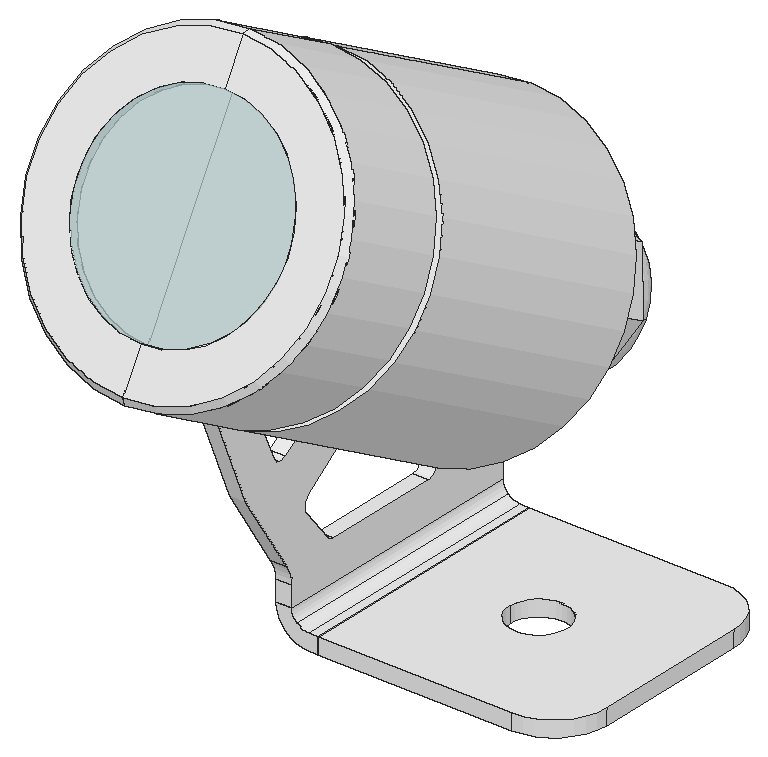
Revit family "Spot 1.0", category Lighting Fixtures, Revit 2017
Family settings
  Round Connector Dimension = Use Diameter
  Part Type = Normal
  OmniClass Number = 23.80.70.00
  OmniClass Title = Lighting
  Work Plane-Based = No
  Always vertical = No
  Cut with Voids When Loaded = No
  Light Source = No
  Shared = No
  Room Calculation Point = No
Parameters (values of type "Spot 1.0 L 40° (3000K 1x500mA)")
  X1 = 100 mm
  Wiring = "series"
  Width mm = 30 mm
  Weight kg = "0.40 kg"
  Vertical rotation max = 220.00°
  Vertical Rotation max_1 [instance] = 100.00°
  Vertical Rotation Adjusted [instance] = if(Vertical Rotation 2 < Vertical Rotation min, Vertical Rotation min, if(Vertical Rotation 2 > Vertical Rotation max_1, Vertical Rotation max_1, Vertical Rotation 2))  # -60.00°
  Vertical Rotation 2 [instance] = Vertical Rotation - 90.00°  # -60.00°
  Vertical Rotation min [instance] = -120.00°
  URL Accessories and power supply units = "https://www.lucelight.it/en/prodotto.php/1273#a-scheda-accessori"
  URL = "https://www.lucelight.it/en/prodotto.php/1273"
  URL Technical sheet = "https://www.lucelight.it/media/prodotti/st/ST_SPOT_10.pdf"
  URL Image = "https://www.lucelight.it/media/prodotti/foto/spot_1.0_still.jpg"
  URL IES Photometric file = "https://www.lucelight.it/media/prodotti/fotometrie/spot_1.0_ies.zip"
  URL General code = "https://www.lucelight.it/en/prodotto.php/1273#a-generacodice"
  URL Description = "https://www.lucelight.it/en/capitolato.php/1273"
  URL DXF = "https://www.lucelight.it/media/prodotti/dxf/spot_1.0.dxf"
  URL Catalogue = "https://www.lucelight.it/media/prodotti/brochure/spot_brochure_en.pdf"
  Power supply unit = "not included\r\nnot included\r\nnot included"
  Power supply = "max 500mA"
  Power cables = "includes 1,5 m neoprene cable, H05RN-F 2x0,35/0,75 Ø6,3 mm"
  Power = "2W"
  Optics = "40°"
  No. and type of led = "1 power LED, 1/4 ANSI BIN, 50 000h L90 B10 (Ta 25°C)"
  Model = "Spot 1.0"
  Manufacturer = "L&L Luce&Light"
  Light Source = Light Source : L 40°
  Geometry = Spot 1.0_mod : Spot 1.0_mod
  Notes = "version with elliptical optics available on request"
  Mounting = "surface mounted (ceiling, wall, ground, spike, fastener strap)"
  Material = "body and trim in AISI 316L stainless steel, screen in transparent, tempered glass"
  Lumen output at source = "145 lm (3000K, 500mA)"
  Description = "projector for outdoor applications (not suitable for use in swimming pools or fountains)"
  Body = L&L_Steel inox AISI 316L
  Base = L&L_Steel inox AISI 316L
  Lens = L&L_Tempered extra-clear glass
  Length mm = 57 mm
  LED Colour = "3000K (also available: 2700, 4000K, 5000K, Blue - ref. URL Technical sheet)"
  IP = "IP68"
  Height mm = 54.8 mm
  H1 = 40 mm
  Vertical Rotation [instance] = 30.00°
  Features = "-"
  Energy efficiency class = "A A+ A++"
  Delivered lumen output = "88 lm (3000K, 500mA, 20°)"
  Cutout dimensions = "-"
  Control system = "-"
  Contact = "T: +39 0444 360571; E: lucelight@lucelight.it"
  Company = "L&L Luce&Light"
  Code = "-"
  CRI = "≥80"
  Base bracket = Spot 1.0_Base braket : Spot 1.0_Base braket
  Bracket = L&L_Steel inox AISI 316L
  Apparent Load Phase 1 = 2 W
Types (5, lengths in mm): name | Optics | Light Source
  Spot 1.0 V 19° (3000K 1x500mA) | "19°" | Light Source : V 19°
  Spot 1.0 T 54° (3000K 1x500mA) | "54°" | Light Source : T 54°
  Spot 1.0 S 10° (3000K 1x500mA) | "10°" | Light Source : S 10°
  Spot 1.0 M 20° (3000K 1x500mA) | "20°" | Light Source : M 20°
  Spot 1.0 L 40° (3000K 1x500mA) | "40°" | Light Source : L 40°
Reference planes
  plane 1 "Light Source Axis (F/B)": y = 0
  plane 2: z = 0
  plane 3 "Light Source Axis (L/R)": x = 0
  plane 4 "Light Source Elevation": z = 40
  plane 5: y = 100
  plane 6: z = 40
  plane 7: z = 46
Lines and regions (mm)
  reference lines
    curve 1: line (0, 100, 40) -> (0, 151.962, 10)
Dimensions and locks
  "X1": plane 1 "Light Source Axis (F/B)" to plane 5
  "H1": level to plane 4 "Light Source Elevation"
  "Vertical Rotation Adjusted": angle plane 1 "Light Source Axis (F/B)" to curve 1
  aligned and locked: level to plane 2
  aligned and locked: plane 5 to curve 1
  aligned and locked: plane 4 "Light Source Elevation" to curve 1
  aligned and locked: nested 3 to nested 2
Nested families
  nested 1: "Spot 1.0_Base braket" at (17, 187.658, 0), type <- "Base bracket", type "Spot 1.0_Base braket"
  nested 2: "Spot 1.0_mod" at (0, 108.66, 35) x (1, 0, 0) z (0, -0.866, 0.5), type <- "Geometry", type "Spot 1.0_mod"
  nested 3: "Light Source" at (0.053, 74.279, 54.85) x (0, 0.5, 0.866) z (0, -0.866, 0.5), type <- "Light Source", type "L 40°"
Connectors
  electrical at (0, 100, 0), driven by "Apparent Load Phase 1"
    settings: index 1, voltage 500 V, apparent load 0 VA, apparent load phase1 2 VA, apparent load phase2 0 VA, apparent load phase3 0 VA, power factor 1, load classification "Lighting", number of poles 1, system type 31, power factor state 1, is connector primary yes, connector utility no, sub classification motor no, connector description ""
Definition of nested family "Spot 1.0_Base braket"
  Parameters (values of type "Spot 1.0_Base braket")
    Width = 377.724 mm
    Length = 65.5 mm
    Base Braket = none
  Reference planes
    plane 1 "Light Source Axis (F/B)": y = 0
    plane 2: z = 0
    plane 3 "Light Source Axis (L/R)": x = 0
    plane 4 "Light Source Elevation": z = 72
    plane 5: x = -32.75
    plane 6: x = 32.75
    plane 7: z = 4
    plane 8: z = 3.1
  Forms (mm)
    Extrusion 1, solid, material <- "Base Braket", detail levels coarse
      sketch origin (0, 0, 0) x (0, 1, 0) y (0, 0, 1)
        loop
          line (-99.914, 45.945) -> (-82.658, 0) -> (-57.658, 0) -> (-82.41, 45.945) -> (-99.914, 45.945)
      from -32.75 to -5.35
    Extrusion 2, solid, material <- "Base Braket", detail levels fine
      sketch origin (0, 0, 0) x (1, 0, 0) y (0, 1, 0)
        loop
          line (-10.35, -57.658) -> (-28.75, -57.658) -> (-28.75, -82.658) -> (-10.35, -82.658)
          arc (-10.35, -82.658) -> (-6.814, -81.194) -> (-5.35, -77.658) r 5
          line (-5.35, -77.658) -> (-5.35, -62.658)
          arc (-5.35, -62.658) -> (-6.814, -59.122) -> (-10.35, -57.658) r 5
        loop
          circle (-17.85, -70.158) r 2.75
      from 0 to 1.5
    Extrusion 3, solid, material <- "Base Braket", detail levels medium
      sketch origin (0, 0, 0) x (1, 0, 0) y (0, 1, 0)
        loop
          line (-5.35, -57.658) -> (-28.75, -57.658) -> (-28.75, -82.658) -> (-5.35, -82.658) -> (-5.35, -57.658)
      from 0 to 1.5
    Extrusion 4, solid, material <- "Base Braket", detail levels fine
      sketch origin (0, -0.022, -25.236) x (0, 1, 0) y (0, 0, -1)
        loop
          circle (-87.658, -65) r 5
      from 29.75 to 33.75
    Revolve 5, solid, material <- "Base Braket", detail levels fine
      sketch origin (63.839, -0.022, 39.76) x (0, 1, 0) y (-1, 0, 0)
        loop
          line (-92.408, 97.589) -> (-87.658, 97.589) -> (-87.658, 100.635) -> (-89.908, 100.635)
          arc (-89.908, 100.635) -> (-91.345, 99.717) -> (-92.408, 98.385) r 5.2
          line (-92.408, 98.385) -> (-92.408, 97.589)
        axis (-87.658, 97.589) -> (-87.658, 100.635)
      angle from 0 to 360
    Extrusion 6, solid, material <- "Base Braket", detail levels medium+fine
      sketch origin (97.85, 253.6, 0) x (-1, 0, 0) y (0, 0, -1)
        loop
          line (129.1, -3.1) -> (130.6, -3.1)
          arc (130.6, -3.1) -> (130.364, -1.914) -> (129.692, -0.908) r 3.1
          arc (129.692, -0.908) -> (128.686, -0.236) -> (127.5, 0) r 3.1
          line (127.5, 0) -> (126.6, 0) -> (126.6, -1.5) -> (127.5, -1.5)
          arc (127.5, -1.5) -> (128.112, -1.622) -> (128.631, -1.969) r 1.6
          arc (128.631, -1.969) -> (128.978, -2.488) -> (129.1, -3.1) r 1.6
      from 311.258 to 336.258
    Extrusion 7, solid, material <- "Base Braket", detail levels fine
      sketch origin (0, 0, 0) x (0, 1, 0) y (0, 0, -1)
        loop
          line (-82.658, -3.1) -> (-82.658, -5)
          arc (-82.658, -5) -> (-82.819, -5.97) -> (-83.285, -6.835) r 3
          arc (-83.285, -6.835) -> (-91.551, -22.814) -> (-93.627, -40.685) r 50
          arc (-93.627, -40.685) -> (-89.187, -45.726) -> (-82.706, -43.963) r 6.351
          arc (-82.706, -43.963) -> (-72.943, -24.093) -> (-58.626, -7.207) r 90
          arc (-58.626, -7.207) -> (-57.911, -6.205) -> (-57.658, -5) r 3
          line (-57.658, -5) -> (-57.658, -3.1) -> (-82.658, -3.1)
        loop
          line (-86.167, -22.108) -> (-79.591, -25.453)
          arc (-79.591, -25.453) -> (-78.861, -25.523) -> (-78.28, -25.076) r 1
          arc (-78.28, -25.076) -> (-77.307, -23.489) -> (-76.303, -21.921) r 94
          arc (-76.303, -21.921) -> (-76.163, -21.158) -> (-76.61, -20.525) r 1
          line (-76.61, -20.525) -> (-83.378, -16.301)
          arc (-83.378, -16.301) -> (-84.177, -16.187) -> (-84.8, -16.699) r 1
          arc (-84.8, -16.699) -> (-85.775, -18.755) -> (-86.646, -20.856) r 46
          arc (-86.646, -20.856) -> (-86.647, -21.574) -> (-86.167, -22.108) r 1
        loop
          line (-80.762, -11.832) -> (-73.924, -16.793)
          arc (-73.924, -16.793) -> (-73.191, -16.973) -> (-72.54, -16.589) r 1
          arc (-72.54, -16.589) -> (-69.22, -12.46) -> (-65.673, -8.526) r 94
          arc (-65.673, -8.526) -> (-65.477, -7.442) -> (-66.396, -6.835) r 1
          line (-66.396, -6.835) -> (-77.638, -6.835)
          arc (-77.638, -6.835) -> (-78.051, -6.925) -> (-78.391, -7.178) r 1
          arc (-78.391, -7.178) -> (-79.725, -8.777) -> (-80.984, -10.436) r 46
          arc (-80.984, -10.436) -> (-81.162, -11.18) -> (-80.762, -11.832) r 1
      from 31.25 to 32.75
    Extrusion 8, solid, material <- "Base Braket", detail levels medium
      sketch origin (0, 0, 0) x (0, 1, 0) y (0, 0, -1)
        loop
          line (-82.658, -3.1) -> (-82.658, -5)
          arc (-82.658, -5) -> (-82.819, -5.97) -> (-83.285, -6.835) r 3
          arc (-83.285, -6.835) -> (-91.551, -22.814) -> (-93.627, -40.685) r 50
          arc (-93.627, -40.685) -> (-89.187, -45.726) -> (-82.706, -43.963) r 6.351
          arc (-82.706, -43.963) -> (-72.943, -24.093) -> (-58.626, -7.207) r 90
          arc (-58.626, -7.207) -> (-57.911, -6.205) -> (-57.658, -5) r 3
          line (-57.658, -5) -> (-57.658, -3.1) -> (-82.658, -3.1)
      from 31.25 to 32.75
  Dimensions and locks
    equal spacing: plane 5, plane 3 "Light Source Axis (L/R)", plane 6
    "Length": plane 5 to plane 6
    level to plane 4 "Light Source Elevation" = 72 mm
    aligned and locked: level to plane 2
    aligned and locked: Extrusion 1 to plane 5
  Automatic sketch dimensions
    plane 4 "Light Source Elevation" to Extrusion 4 sketch curve = 32.236 mm
    plane 1 "Light Source Axis (F/B)" to Extrusion 4 sketch curve = 87.68 mm
    Revolve 5 sketch curve to plane 5 = 1.796 mm
    plane 1 "Light Source Axis (F/B)" to Revolve 5 sketch curve = 92.43 mm
    Revolve 5 sketch curve to Revolve 5 sketch curve = 2.5 mm
    plane 5 to Revolve 5 sketch curve = 0.737 mm
    Revolve 5 sketch curve to Revolve 5 sketch curve = 4.542 mm
    Revolve 5 sketch curve to Revolve 5 sketch curve = 0.208 mm  (x2)
    Revolve 5 sketch curve to plane 5 = 1 mm
    Revolve 5 sketch curve to Revolve 5 sketch curve = 1.11 mm
    Revolve 5 sketch curve to Revolve 5 sketch curve = 0.951 mm
    Extrusion 6 sketch curve to plane 8 = 0 mm  (x2)
    plane 8 to Extrusion 6 sketch curve = 1.131 mm
    Extrusion 6 sketch curve to Extrusion 6 sketch curve = 0.469 mm
    Extrusion 6 sketch curve to plane 5 = 0 mm
    level to Extrusion 6 sketch curve = 0.908 mm
    Extrusion 6 sketch curve to Extrusion 6 sketch curve = 0 mm  (x4)
    Extrusion 6 sketch curve to Extrusion 6 sketch curve = 0.9 mm
    Extrusion 6 sketch curve to level = 0 mm
    plane 5 to Extrusion 2 sketch curve = 4 mm
    plane 5 to Extrusion 2 sketch curve = 14.9 mm
    Extrusion 2 sketch curve to plane 3 "Light Source Axis (L/R)" = 10.35 mm
    Extrusion 2 sketch curve to Extrusion 2 sketch curve = 5 mm  (x2)
    plane 1 "Light Source Axis (F/B)" to Extrusion 2 sketch curve = 82.658 mm
    Extrusion 2 sketch curve to Extrusion 2 sketch curve = 7.5 mm  (x2)
    plane 5 to Extrusion 3 sketch curve = 4 mm
    Extrusion 3 sketch curve to plane 6 = 38.1 mm
    plane 1 "Light Source Axis (F/B)" to Extrusion 3 sketch curve = 82.658 mm
    Extrusion 3 sketch curve to Extrusion 3 sketch curve = 25 mm
    Extrusion 7 sketch curve to Extrusion 7 sketch curve = 0 mm  (x20)
    plane 8 to Extrusion 7 sketch curve = 0 mm
    plane 7 to Extrusion 7 sketch curve = 18.108 mm
    Extrusion 7 sketch curve to Extrusion 7 sketch curve = 1.195 mm
    Extrusion 7 sketch curve to Extrusion 7 sketch curve = 0.453 mm  (x2)
    plane 7 to Extrusion 7 sketch curve = 1 mm  (x2)
    Extrusion 7 sketch curve to Extrusion 7 sketch curve = 0.055 mm
    Extrusion 7 sketch curve to Extrusion 7 sketch curve = 1.806 mm
    plane 7 to Extrusion 7 sketch curve = 12.301 mm
    Extrusion 7 sketch curve to Extrusion 7 sketch curve = 0.529 mm  (x2)
    Extrusion 7 sketch curve to Extrusion 7 sketch curve = 3 mm  (x2)
    plane 7 to Extrusion 7 sketch curve = 7.832 mm
    Extrusion 7 sketch curve to Extrusion 7 sketch curve = 2.616 mm
    Extrusion 7 sketch curve to Extrusion 7 sketch curve = 0.587 mm  (x2)
    Extrusion 7 sketch curve to Extrusion 7 sketch curve = 6.575 mm
    Extrusion 7 sketch curve to Extrusion 7 sketch curve = 2.537 mm
    Extrusion 7 sketch curve to Extrusion 7 sketch curve = 1.999 mm
    plane 7 to Extrusion 7 sketch curve = 16.525 mm
    plane 7 to Extrusion 7 sketch curve = 12.793 mm
    Extrusion 7 sketch curve to Extrusion 7 sketch curve = 2.686 mm
    plane 7 to Extrusion 7 sketch curve = 3.835 mm  (x2)
    Extrusion 7 sketch curve to Extrusion 7 sketch curve = 6.941 mm
    Extrusion 7 sketch curve to Extrusion 7 sketch curve = 5.738 mm
    Extrusion 7 sketch curve to Extrusion 7 sketch curve = 13.925 mm
    Extrusion 7 sketch curve to plane 4 "Light Source Elevation" = 1.413 mm
    Extrusion 7 sketch curve to plane 1 "Light Source Axis (F/B)" = 2.34 mm
    Extrusion 7 sketch curve to Extrusion 7 sketch curve = 0.891 mm  (x2)
    Extrusion 7 sketch curve to Extrusion 7 sketch curve = 0.848 mm  (x2)
    Extrusion 7 sketch curve to Extrusion 7 sketch curve = 0.809 mm  (x2)
    Extrusion 7 sketch curve to Extrusion 7 sketch curve = 1 mm
    Extrusion 7 sketch curve to Extrusion 7 sketch curve = 30.217 mm
    Extrusion 7 sketch curve to Extrusion 7 sketch curve = 4.08 mm
    Extrusion 7 sketch curve to Extrusion 7 sketch curve = 4.656 mm
    plane 7 to Extrusion 7 sketch curve = 33.424 mm
    Extrusion 7 sketch curve to Extrusion 7 sketch curve = 14.19 mm
    plane 8 to Extrusion 8 sketch curve = 0 mm
    plane 4 "Light Source Elevation" to Extrusion 8 sketch curve = 32.357 mm
    plane 1 "Light Source Axis (F/B)" to Extrusion 8 sketch curve = 87.362 mm
    plane 7 to Extrusion 8 sketch curve = 1 mm  (x2)
    Extrusion 8 sketch curve to Extrusion 8 sketch curve = 3 mm  (x2)
    Extrusion 8 sketch curve to Extrusion 8 sketch curve = 13.925 mm
    Extrusion 8 sketch curve to Extrusion 8 sketch curve = 6.265 mm
    Extrusion 8 sketch curve to Extrusion 8 sketch curve = 0 mm
    Extrusion 8 sketch curve to Extrusion 8 sketch curve = 4.656 mm
    Extrusion 8 sketch curve to Extrusion 8 sketch curve = 1.704 mm
    Extrusion 8 sketch curve to Extrusion 8 sketch curve = 22 mm
    Extrusion 8 sketch curve to plane 1 "Light Source Axis (F/B)" = 2.34 mm
    Extrusion 8 sketch curve to plane 4 "Light Source Elevation" = 1.413 mm
    Extrusion 8 sketch curve to Extrusion 8 sketch curve = 30.217 mm
    Extrusion 1 sketch curve to level = 0 mm
    plane 4 "Light Source Elevation" to Extrusion 1 sketch curve = 26.055 mm
    plane 1 "Light Source Axis (F/B)" to Extrusion 1 sketch curve = 99.914 mm
    Extrusion 1 sketch curve to Extrusion 1 sketch curve = 17.256 mm
    Extrusion 1 sketch curve to Extrusion 1 sketch curve = 17.504 mm
    Extrusion 1 sketch curve to Extrusion 1 sketch curve = 25 mm
    radius of Extrusion 4 sketch curve = 5 mm
    radius of Extrusion 2 sketch curve = 2.75 mm
Definition of nested family "Spot 1.0_mod"
  Parameters (values of type "Spot 1.0_mod")
    Power Supply = none
    Lens = none
    Default Elevation = 1219.2 mm
    Body = none
  Reference planes
    plane 1 "Light Source Axis (F/B)": y = 0
    plane 2: z = 0
    plane 3 "Light Source Axis (L/R)": x = 0
    plane 4 "Light Source Elevation": z = 39.7
  Forms (mm)
    Extrusion 1, solid, material <- "Body", detail levels coarse
      sketch origin (0, 0, 0) x (1, 0, 0) y (0, 1, 0)
        loop
          circle (0, 0) r 14.75
      from 0 to 39.7
    Extrusion 2, solid, material <- "Lens", detail levels medium+fine
      sketch origin (0, 0, 0) x (1, 0, 0) y (0, 1, 0)
        loop
          circle (0, 0) r 10
      from 38.7 to 39.7
    Revolve 3, solid, material <- "Body", detail levels medium
      sketch origin (0, 0, 0) x (0, 1, 0) y (0, 0, 1)
        loop
          line (-10, 39.7) -> (-14.75, 39.7) -> (-14.75, 0) -> (0, 0) -> (0, 38.7) -> (-10, 38.7) -> (-10, 39.7)
        axis (0, 39.7) -> (0, 0)
      angle from 0 to 360
    Revolve 4, solid, material <- "Body", detail levels fine
      sketch origin (0, 0, 0) x (0, 1, 0) y (0, 0, 1)
        loop
          line (-14.25, 0) -> (0, 0) -> (0, 38.7) -> (-10, 38.7) -> (-10, 39.7) -> (-14.25, 39.7) -> (-14.75, 39.079) -> (-14.75, 28) -> (-13.95, 28) -> (-13.95, 27.1) -> (-14.75, 27.1) -> (-14.75, 0.621) -> (-14.25, 0)
        axis (0, 39.7) -> (0, 0)
      angle from 0 to 360
    Extrusion 5, void
      sketch origin (0, 0, 0) x (1, 0, 0) y (0, 0, 1)
        loop
          line (-12.75, 16) -> (-20.987, 16) -> (-20.987, 0) -> (-12.75, 0) -> (-12.75, 16)
      from -13.86 to 13.86
  Cuts and joins
    Extrusion 5 cuts Revolve 4
  Dimensions and locks
    level to plane 4 "Light Source Elevation" = 39.7 mm
    aligned and locked: level to plane 2
    aligned and locked: plane 4 "Light Source Elevation" to Extrusion 1
  Nested families
    nested 1: "Power supply" at (0, 0, 0), type "Power supply", detail levels fine
  Definition of nested family "Power supply"
    Parameters (values of type "Power supply")
      Power supply = none
      Default Elevation = 1219.2 mm
    Reference planes
      plane 1 "Light Source Axis (F/B)": y = 0
      plane 2: z = 0
      plane 3 "Light Source Axis (L/R)": x = 0
      plane 4 "Light Source Elevation": z = 1500
    Forms (mm)
      Extrusion 1, solid, material <- "Power supply"
        sketch origin (36.054, -14.716, -19.543) x (1, 0, 0) y (0, 1, 0)
          loop
            circle (-36.054, 14.716) r 6
        from 13.043 to 16.043
      Extrusion 2, solid, material <- "Power supply"
        sketch origin (33.254, -14.716, -12.98) x (1, 0, 0) y (0, 1, 0)
          loop
            line (-33.254, 22.466) -> (-38.734, 20.196) -> (-41.004, 14.716) -> (-38.734, 9.236) -> (-33.254, 6.966) -> (-27.774, 9.236) -> (-25.504, 14.716) -> (-27.774, 20.196) -> (-33.254, 22.466)
        from 9.48 to 12.98
      Extrusion 3, solid, material <- "Power supply"
        sketch origin (33.254, -14.716, -21.238) x (1, 0, 0) y (0, 1, 0)
          loop
            line (-33.254, 22.466) -> (-38.734, 20.196) -> (-41.004, 14.716) -> (-38.734, 9.236) -> (-33.254, 6.966) -> (-27.774, 9.236) -> (-25.504, 14.716) -> (-27.774, 20.196) -> (-33.254, 22.466)
        from 9.238 to 14.738
      Revolve 4, solid, material <- "Power supply"
        sketch origin (0, 0, 0) x (1, 0, 0) y (0, 0, 1)
          loop
            line (6.964, -12) -> (0, -12) -> (0, -16) -> (3.5, -16)
            arc (3.5, -16) -> (6.146, -14.791) -> (6.964, -12) r 3.5
          axis (0, -16) -> (0, -12)
        angle from 0 to 360
    Dimensions and locks
      aligned and locked: level to plane 2
Definition of nested family "Light Source"
  Parameters (values of type "L 40°")
    Wattage = 0.976155 W
    built-in parameter 1150110 = 1 (stored number, unit not read)
    built-in parameter 1114217 = 1 (stored number, unit not read)
    Tilt Angle = 90.00°
    built-in parameter 1150109 = 1 (stored number, unit not read)
    built-in parameter 1150134 = (empty or 0)
    built-in parameter 1150113 = 1 (stored number, unit not read)
    Photometric Web File = "SPOT 1.0 L [3000K 1x500mA].IES"
    Lumens = 145 lm
    built-in parameter 1150115 = 1 (stored number, unit not read)
    built-in parameter 1150105 = 11.539 (stored number, unit not read)
    built-in parameter 1150137 = (empty or 0)
    built-in parameter 1150139 = (empty or 0)
    built-in parameter 1150112 = 1 (stored number, unit not read)
    built-in parameter 1150114 = 1 (stored number, unit not read)
    built-in parameter 1150132 = 2
    built-in parameter 1150102 = (empty or 0)
    built-in parameter 1150138 = (empty or 0)
    built-in parameter 1150107 = 3000 (stored number, unit not read)
    built-in parameter 1150106 = 0.11539 (stored number, unit not read)
    built-in parameter 1150104 = 13.8 (stored number, unit not read)
    Dimming Lamp Color Temperature Shift = (empty or 0)
    Default Elevation = 1219.2 mm
    Color Filter = 16777215
    built-in parameter 1114218 = 1 (stored number, unit not read)
    built-in parameter 1150133 = 10 (stored number, unit not read)
  Types (5, lengths in mm): name | Photometric Web File
    V 19° | "SPOT 1.0 V [3000K 1x500mA].IES"
    T 54° | "SPOT 1.0 T [3000K 1x500mA].IES"
    S 10° | "SPOT 1.0 S [3000K 1x500mA].IES"
    M 20° | "SPOT 1.0 M [3000K 1x500mA].IES"
    L 40° | "SPOT 1.0 L [3000K 1x500mA].IES"
  Reference planes
    plane 1 "Light Source Axis (F/B)": y = 0
    plane 2: z = 0
    plane 3 "Light Source Axis (L/R)": x = 0
    plane 4 "Light Source Elevation": z = 0
  Dimensions and locks
    aligned and locked: plane 3 "Light Source Axis (L/R)" to imposter light
    aligned and locked: plane 1 "Light Source Axis (F/B)" to imposter light
    aligned and locked: plane 4 "Light Source Elevation" to imposter light
    aligned and locked: level to plane 2
